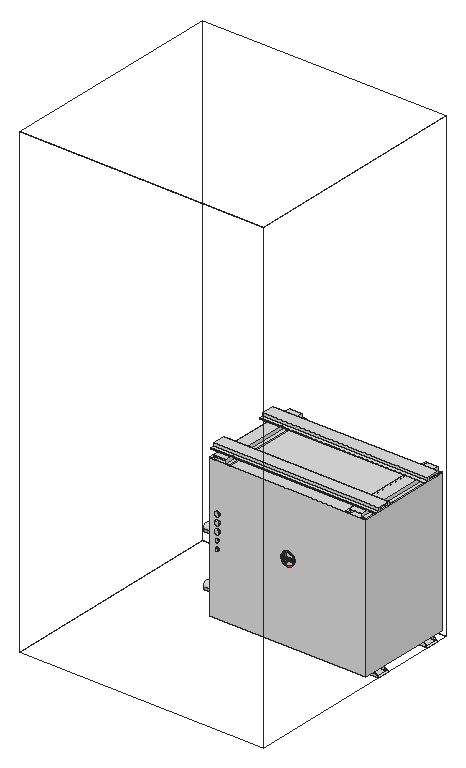
Revit family "HeatPump_WaterToWater_Rheem_16kW_LowGWP", category Mechanical Equipment, Revit 2021
Family settings
  Round Connector Dimension = Use Diameter
  Classification = None
  Part Type = Normal
  OmniClass Number = 23.33.17.00
  OmniClass Title = Heat Pumps
  Work Plane-Based = No
  Always vertical = Yes
  Cut with Voids When Loaded = No
  Shared = No
  Room Calculation Point = No
Parameters (values of type "95501600")
  Voltage = 230 V
  Uniclass2015Version = "v1.33"
  Uniclass2015Title = "Water to water heat pumps"
  Uniclass2015Code = "Pr_70_60_37_98"
  URL = "https://www.rheem.com.au/rheem/"
  Type Comments = "HeatPump - WaterToWater - 16kW - LowGWP"
  RequiredSpace [instance] = yes
  PowerFactor = 1
  ModifiedIssue = 20240801
  Model = "95501600"
  ManufacturerURLProductSpecific = "https://www.rheem.com.au/rheem/products/Commercial/Commercial-Heat-Pumps/Rheem-Commercial-Water-To-Water-Heat-Pumps/YF-Series-Water-to-Water-%28W2W%29-16kW-Commercial-Heat-Pump/p/95501600"
  ManufacturerSpecCode = Model  # "95501600"
  ManufacturerOverallWidth = 1051 mm  # constant formula
  ManufacturerOverallHeight = 972 mm  # constant formula
  ManufacturerOverallDepth = 605 mm  # constant formula
  ManufacturerHeightFromFFL [instance] = 0 mm
  Manufacturer = "Rheem"  # constant formula
  IfcExportType = "USERDEFINED"
  IfcExportAs = "IfcPump"
  Description = "Rheem’s YF Series Commercial heat pump uses 1234yf refrigerant which has an ultra-low Global Warming Potential (GWP) of <1. Delivering hot water up to 65°C and designed to operate in condenser loop systems with a shell and tube heat exchanger to resist fouling whilst producing a Coefficient of Performance (COP) of up to 7 in condenser loops operating at 35°C. All models are designed to be stacked to save space and available with double wall brazed plate stainless steel heat exchangers or  vented copper tube in tube heat exchangers better suited to challenging water chemistries."
  Default Elevation = 0 mm
  CreatedByURL = "https://igsgroup.com.au"
  CreatedBy = "IGS BIM Solutions"  # constant formula
  BodyMaterial = Aluminium_PowderCoat_Rheem_White
  Assembly Code = "D3020"
  ApparentLoad = 17.83 VA
Reference planes
  plane 1 "Center (Front/Back)": y = -50
  plane 2 "Ref. Level": z = 0
  plane 3 "Center (Left/Right)": x = -28.5
  plane 4 "Back": y = 252.5
  plane 5 "Front": y = -352.5
  plane 6 "BodyRight": x = 470
  plane 7 "BodyLeft": x = -527
  plane 8 "TopFrame": z = 972
  plane 9 "PlinthTop": z = 25
  plane 10 "BodyTop": z = 924
  plane 11 "RequiredSpaceLeft": x = -1054
  plane 12 "RequiredSpaceTop": z = 2972
  plane 13 "RequiredSpaceFront": y = -1202.5
  plane 14 "Left": x = -554
  plane 15 "Bottom": z = 0
  plane 16 "Right": x = 497
  plane 17 "Top": z = 972
  plane 18 "Center (Elevation)": z = 486
  plane 19 "LogoCentre": z = 524
Forms (mm)
  Extrusion 1, solid, material "Aluminium_PowderCoat_Rheem_White" <- "BodyMaterial"
    sketch origin (0, 0, 476) x (0, -1, 0) y (1, 0, 0)
      loop
        line (-252.5, -527) -> (352.5, -527) -> (352.5, 470) -> (-252.5, 470) -> (-252.5, -527)
    from -451 to 448
  Extrusion 2, solid, material "RequiredSpace", visible <- "RequiredSpace"
    sketch origin (0, 0, 0) x (0, -1, 0) y (-1, 0, 0)
      loop
        line (-252.5, 1054) -> (-252.5, -497) -> (1202.5, -497) -> (1202.5, 1054) -> (-252.5, 1054)
    from 0 to -2972
  Extrusion 3, solid, material "Aluminium_PowderCoat_Rheem_White", detail levels medium+fine
    sketch origin (-527, 0, 0) x (0, 1, 0) y (0, 0, 1)
      loop
        circle (187.5, 148) r 25
      loop
        circle (187.5, 368) r 25
      loop
        circle (-287.5, 148) r 25
      loop
        circle (-287.5, 478) r 25
    from -71 to 0
  Extrusion 4, solid, material "Aluminium_PowderCoat_Rheem_White"
    sketch origin (-527, -334, 0) x (0, 1, 0) y (0, 0, 1)
      loop
        circle (255.5, 35) r 10
    from -50 to 0
  Extrusion 5, void
    sketch origin (0, -50, 0) x (1, 0, 0) y (0, 0, 1)
      loop
        line (-554, 25) -> (-554, 0) -> (-510.699, 25) -> (-554, 25)
      loop
        line (497, 25) -> (453.699, 25) -> (497, 0) -> (497, 25)
    from 261.5 to -261.5
  Extrusion 6, solid, detail levels medium+fine
    sketch origin (0, -352.5, 0) x (1, 0, 0) y (0, 0, 1)
      loop
        circle (-476, 572.5) r 15
      loop
        circle (-476, 622.5) r 15
      loop
        circle (-476, 522.5) r 15
      loop
        circle (-476, 472.5) r 10
      loop
        circle (-476, 422.5) r 10
    from 0 to 5
  Extrusion 7, solid, material "Aluminium_PowderCoat_Rheem_White" <- "BodyMaterial"
    sketch origin (-28.5, -32, 843) x (0, 1, 0) y (0, 0, 1)
      loop
        line (138.395, 129) -> (138.395, 111) -> (113.395, 111) -> (113.395, 106) -> (143.481, 106) -> (143.481, 124) -> (213.5, 124) -> (213.5, 106) -> (243.5, 106) -> (243.5, 111) -> (218.5, 111) -> (218.5, 129) -> (138.395, 129)
      loop
        line (-179.395, 124) -> (-179.395, 106) -> (-149.395, 106) -> (-149.395, 111) -> (-174.395, 111) -> (-174.395, 129) -> (-254.5, 129) -> (-254.5, 111) -> (-279.5, 111) -> (-279.5, 106) -> (-249.414, 106) -> (-249.414, 124) -> (-179.395, 124)
    from -525.5 to 525.5
  Extrusion 8, solid, material "Aluminium_PowderCoat_Rheem_White" <- "BodyMaterial"
    sketch origin (-28.5, 0, 0) x (0, 1, 0) y (0, 0, 1)
      loop
        line (-181.395, 25) -> (-211.395, 25) -> (-211.395, 5) -> (-281.414, 5) -> (-281.414, 25) -> (-311.5, 25) -> (-311.5, 20) -> (-286.5, 20) -> (-286.5, 0) -> (-206.395, 0) -> (-206.395, 20) -> (-181.395, 20) -> (-181.395, 25)
      loop
        line (211.5, 25) -> (181.5, 25) -> (181.5, 5) -> (111.481, 5) -> (111.481, 25) -> (81.395, 25) -> (81.395, 20) -> (106.395, 20) -> (106.395, 0) -> (186.5, 0) -> (186.5, 20) -> (211.5, 20) -> (211.5, 25)
    from -525.5 to 525.5
  Extrusion 9, solid, material "Aluminium_PowderCoat_Rheem_White" <- "BodyMaterial"
    sketch origin (0, -50, 984) x (1, 0, 0) y (0, 0, 1)
      loop
        line (-421.895, -35) -> (-502, -35) -> (-502, -55) -> (-527, -55) -> (-527, -60) -> (-497, -60) -> (-497, -40) -> (-426.981, -40) -> (-426.981, -60) -> (-396.895, -60) -> (-396.895, -55) -> (-421.895, -55) -> (-421.895, -35)
      loop
        line (364.895, -35) -> (364.895, -55) -> (339.895, -55) -> (339.895, -60) -> (369.981, -60) -> (369.981, -40) -> (440, -40) -> (440, -60) -> (470, -60) -> (470, -55) -> (445, -55) -> (445, -35) -> (364.895, -35)
    from -302.5 to 302.5
Cuts and joins
  Extrusion 5 cuts Extrusion 1
  Extrusion 5 cuts Extrusion 8
Lines and regions (mm)
  Masking region 1
    outline origin (0, 0, 1484) x (0, -1, 0) y (1, 0, 0)
      loop
        line (-252.5, -527) -> (-211.5, -527) -> (-211.5, -554) -> (-81.395, -554) -> (-81.395, -527) -> (181.395, -527) -> (181.395, -554) -> (311.5, -554) -> (311.5, -527) -> (352.5, -527) -> (352.5, 470) -> (311.5, 470) -> (311.5, 497) -> (181.395, 497) -> (181.395, 470) -> (-81.395, 470) -> (-81.395, 497) -> (-211.5, 497) -> (-211.5, 470) -> (-252.5, 470) -> (-252.5, -527)
  symbolic lines, style "Required Space", visible <- "RequiredSpace"
    curve 1: line (-1054, 252.5, 900) -> (497, 252.5, 900)
    curve 2: line (-1054, -1202.5, 900) -> (-1054, 252.5, 900)
    curve 3: line (497, -1202.5, 900) -> (-1054, -1202.5, 900)
    curve 4: line (497, 252.5, 900) -> (497, -1202.5, 900)
  symbolic lines, style "Plant Equipment", detail levels medium+fine
    curve 5: line (-527, 211.5, 924) -> (470, 211.5, 924)
    curve 6: line (-527, 81.395, 924) -> (470, 81.395, 924)
    curve 7: line (470, -181.395, 924) -> (-527, -181.395, 924)
    curve 8: line (-527, -311.5, 924) -> (470, -311.5, 924)
    curve 9: line (385.895, 252.5, 924) -> (385.895, 211.5, 924)
    curve 10: line (385.895, 81.395, 924) -> (385.895, -181.395, 924)
    curve 11: line (385.895, -311.5, 924) -> (385.895, -352.5, 924)
    curve 12: line (-396.895, 252.5, 924) -> (-396.895, 211.5, 924)
    curve 13: line (-396.895, 81.395, 924) -> (-396.895, -181.395, 924)
    curve 14: line (-396.895, -311.5, 924) -> (-396.895, -352.5, 924)
  model lines, style "Plant Equipment", detail levels medium+fine
    curve 15: line (-427, -352.5, 904) -> (-427, -352.5, 644)
    curve 16: line (-427, -352.5, 644) -> (370, -352.5, 644)
    curve 17: line (370, -352.5, 644) -> (370, -352.5, 904)
    curve 18: line (370, -352.5, 904) -> (-427, -352.5, 904)
    curve 19: line (-427, -352.5, 26) -> (-427, -352.5, 634)
    curve 20: line (-427, -352.5, 634) -> (370, -352.5, 634)
    curve 21: line (370, -352.5, 634) -> (370, -352.5, 26)
    curve 22: line (370, -352.5, 26) -> (-427, -352.5, 26)
Text (mm)
  text "Disclaimer:\nDue to ongoing product development and manufacturing \nevolution, product details are subject to change without \nnotice. Please refer to product technical data sheets on \nthe manufacturers website for the most current product \ninformation. Please allow a +/- 5mm manufacturing \ntolerance for dimensions and set-outs shown in product \nliterature." at (985.527, 159.228, 0), in view "Ref. Level"
Dimensions and locks
  "ManufacturerHeightFromFFL": plane 15 "Bottom" to plane 2 "Ref. Level"
  locked: plane 12 "RequiredSpaceTop" to plane 17 "Top" at 2000
  locked: plane 13 "RequiredSpaceFront" to plane 5 "Front" at 850
  locked: plane 11 "RequiredSpaceLeft" to plane 14 "Left" at 500
  "ManufacturerOverallDepth": plane 5 "Front" to plane 4 "Back"
  equal spacing: plane 5 "Front", plane 1 "Center (Front/Back)", plane 4 "Back"
  locked: plane 9 "PlinthTop" to plane 15 "Bottom" at 25
  "ManufacturerOverallHeight": plane 17 "Top" to plane 15 "Bottom"
  equal spacing: plane 17 "Top", plane 18 "Center (Elevation)", plane 15 "Bottom"
  locked: plane 10 "BodyTop" to plane 19 "LogoCentre" at 400
  "ManufacturerOverallWidth": plane 14 "Left" to plane 16 "Right"
  equal spacing: plane 14 "Left", plane 3 "Center (Left/Right)", plane 16 "Right"
  locked: plane 17 "Top" to plane 10 "BodyTop" at 48
  aligned and locked: level to plane 2 "Ref. Level"
  aligned and locked: plane 9 "PlinthTop" to Extrusion 1
  aligned and locked: Extrusion 1 to plane 10 "BodyTop"
  aligned and locked: Extrusion 2 to plane 12 "RequiredSpaceTop"
  aligned and locked: plane 13 "RequiredSpaceFront" to curve 3
  aligned and locked: plane 13 "RequiredSpaceFront" to Extrusion 2 sketch curve
  aligned and locked: Extrusion 2 to plane 4 "Back"
  aligned and locked: Extrusion 1 to plane 7 "BodyLeft"
  aligned and locked: plane 14 "Left" to Extrusion 5 sketch curve
  aligned and locked: Extrusion 1 to plane 4 "Back"
  aligned and locked: plane 5 "Front" to Extrusion 1
  aligned and locked: Extrusion 5 sketch curve to plane 9 "PlinthTop"
  aligned and locked: Extrusion 2 to plane 16 "Right"
  aligned and locked: curve 4 to Extrusion 2
  aligned and locked: plane 15 "Bottom" to Extrusion 2
  aligned and locked: plane 15 "Bottom" to Extrusion 5 sketch curve
  aligned and locked: plane 16 "Right" to Extrusion 7
  aligned and locked: plane 3 "Center (Left/Right)" to nested 1
  aligned and locked: plane 19 "LogoCentre" to nested 1
  aligned and locked: plane 8 "TopFrame" to plane 17 "Top"
Automatic sketch dimensions
  plane 4 "Back" to Extrusion 1 sketch curve = 0 mm
  plane 5 "Front" to Extrusion 1 sketch curve = 0 mm
  Extrusion 1 sketch curve to plane 7 "BodyLeft" = 0 mm
  Extrusion 1 sketch curve to plane 6 "BodyRight" = 0 mm
  plane 4 "Back" to Extrusion 2 sketch curve = 0 mm
  Extrusion 2 sketch curve to plane 11 "RequiredSpaceLeft" = 0 mm
  Extrusion 2 sketch curve to plane 16 "Right" = 0 mm
  plane 4 "Back" to curve 1 = 0 mm
  curve 3 to plane 11 "RequiredSpaceLeft" = 0 mm
  plane 4 "Back" to curve 9 = 0 mm
  plane 4 "Back" to curve 12 = 0 mm
  curve 7 to plane 7 "BodyLeft" = 0 mm
  plane 5 "Front" to curve 11 = 0 mm
  plane 5 "Front" to curve 14 = 0 mm
  plane 1 "Center (Front/Back)" to curve 7 = 131.395 mm
  curve 8 to plane 5 "Front" = 41 mm
  curve 8 to plane 6 "BodyRight" = 0 mm
  curve 6 to plane 6 "BodyRight" = 0 mm
  plane 7 "BodyLeft" to curve 14 = 130.105 mm
  curve 13 to curve 14 = 0 mm
  curve 12 to curve 13 = 0 mm
  curve 11 to plane 16 "Right" = 111.105 mm
  curve 10 to plane 16 "Right" = 111.105 mm
  curve 9 to plane 16 "Right" = 111.105 mm
  Extrusion 3 sketch curve to plane 5 "Front" = 65 mm  (x2)
  plane 18 "Center (Elevation)" to Extrusion 3 sketch curve = 8 mm
  plane 4 "Back" to Extrusion 3 sketch curve = 65 mm  (x2)
  plane 18 "Center (Elevation)" to Extrusion 3 sketch curve = 118 mm
  Extrusion 3 sketch curve to plane 9 "PlinthTop" = 123 mm  (x2)
  Extrusion 4 sketch curve to plane 9 "PlinthTop" = 10 mm
  plane 1 "Center (Front/Back)" to Extrusion 4 sketch curve = 28.5 mm
  plane 4 "Back" to Masking region 1 sketch curve = 0 mm
  Masking region 1 sketch curve to plane 6 "BodyRight" = 0 mm  (x3)
  Masking region 1 sketch curve to plane 7 "BodyLeft" = 0 mm  (x3)
  Masking region 1 sketch curve to plane 14 "Left" = 0 mm  (x2)
  plane 5 "Front" to Masking region 1 sketch curve = 0 mm
  plane 6 "BodyRight" to Masking region 1 sketch curve = 27 mm
  plane 4 "Back" to Masking region 1 sketch curve = 41 mm  (x2)
  Masking region 1 sketch curve to plane 1 "Center (Front/Back)" = 131.395 mm  (x2)
  plane 1 "Center (Front/Back)" to Masking region 1 sketch curve = 131.395 mm  (x2)
  Masking region 1 sketch curve to plane 5 "Front" = 41 mm  (x2)
  Masking region 1 sketch curve to Masking region 1 sketch curve = 27 mm
  plane 7 "BodyLeft" to Extrusion 6 sketch curve = 51 mm  (x2)
  Extrusion 6 sketch curve to Extrusion 6 sketch curve = 0 mm  (x3)
  plane 19 "LogoCentre" to Extrusion 6 sketch curve = 101.5 mm
  plane 19 "LogoCentre" to Extrusion 6 sketch curve = 51.5 mm
  Extrusion 6 sketch curve to Extrusion 6 sketch curve = 50 mm  (x3)
  plane 8 "TopFrame" to Extrusion 7 sketch curve = 0 mm  (x2)
  plane 8 "TopFrame" to Extrusion 7 sketch curve = 18 mm  (x2)
  Extrusion 7 sketch curve to plane 5 "Front" = 41 mm
  Extrusion 7 sketch curve to Extrusion 7 sketch curve = 25 mm  (x4)
  Extrusion 7 sketch curve to Extrusion 7 sketch curve = 5.086 mm  (x2)
  plane 8 "TopFrame" to Extrusion 7 sketch curve = 5 mm  (x2)
  Extrusion 7 sketch curve to Extrusion 7 sketch curve = 70.019 mm  (x2)
  Extrusion 7 sketch curve to Extrusion 7 sketch curve = 5 mm  (x6)
  Extrusion 7 sketch curve to plane 1 "Center (Front/Back)" = 131.395 mm
  plane 8 "TopFrame" to Extrusion 7 sketch curve = 23 mm  (x2)
  plane 9 "PlinthTop" to Extrusion 8 sketch curve = 0 mm  (x4)
  plane 15 "Bottom" to Extrusion 8 sketch curve = 0 mm  (x2)
  plane 9 "PlinthTop" to Extrusion 8 sketch curve = 5 mm  (x3)
  Extrusion 8 sketch curve to plane 5 "Front" = 41 mm
  Extrusion 8 sketch curve to Extrusion 8 sketch curve = 25 mm  (x4)
  Extrusion 8 sketch curve to Extrusion 8 sketch curve = 5.086 mm  (x2)
  Extrusion 8 sketch curve to Extrusion 8 sketch curve = 70.019 mm  (x2)
  Extrusion 8 sketch curve to Extrusion 8 sketch curve = 5 mm  (x3)
  Extrusion 8 sketch curve to plane 1 "Center (Front/Back)" = 131.395 mm
  Extrusion 8 sketch curve to plane 15 "Bottom" = 5 mm  (x2)
  Extrusion 5 sketch curve to plane 9 "PlinthTop" = 0 mm
  Extrusion 5 sketch curve to plane 15 "Bottom" = 0 mm
  Extrusion 5 sketch curve to plane 16 "Right" = 0 mm
  plane 7 "BodyLeft" to Extrusion 5 sketch curve = 16.301 mm
  Extrusion 5 sketch curve to plane 6 "BodyRight" = 16.301 mm
  Extrusion 9 sketch curve to plane 7 "BodyLeft" = 0 mm
  Extrusion 9 sketch curve to plane 10 "BodyTop" = 0 mm  (x4)
  Extrusion 9 sketch curve to plane 6 "BodyRight" = 0 mm
  plane 7 "BodyLeft" to Extrusion 9 sketch curve = 25 mm
  Extrusion 9 sketch curve to Extrusion 9 sketch curve = 5 mm  (x4)
  Extrusion 9 sketch curve to Extrusion 9 sketch curve = 70.019 mm
  Extrusion 9 sketch curve to Extrusion 9 sketch curve = 5.086 mm  (x2)
  Extrusion 9 sketch curve to Extrusion 9 sketch curve = 25 mm  (x2)
  Extrusion 9 sketch curve to plane 6 "BodyRight" = 130.105 mm
  Extrusion 9 sketch curve to plane 6 "BodyRight" = 30 mm
  Extrusion 9 sketch curve to plane 10 "BodyTop" = 5 mm  (x4)
  Extrusion 9 sketch curve to Extrusion 9 sketch curve = 15 mm  (x2)
  curve 5 to plane 6 "BodyRight" = 0 mm
  curve 7 to plane 6 "BodyRight" = 0 mm
  curve 8 to plane 7 "BodyLeft" = 0 mm
  curve 5 to plane 7 "BodyLeft" = 0 mm
  curve 6 to plane 7 "BodyLeft" = 0 mm
  plane 4 "Back" to curve 5 = 41 mm
  curve 6 to plane 1 "Center (Front/Back)" = 131.395 mm
  plane 7 "BodyLeft" to curve 15 = 100 mm
  plane 10 "BodyTop" to curve 17 = 20 mm
  curve 17 to plane 6 "BodyRight" = 100 mm
  curve 17 to plane 19 "LogoCentre" = 120 mm
  curve 15 to curve 20 = 0 mm
  curve 16 to curve 20 = 0 mm
  curve 20 to curve 15 = 10 mm
  curve 22 to plane 9 "PlinthTop" = 1 mm
  radius of Extrusion 3 sketch curve = 25 mm  (x4)
  radius of Extrusion 4 sketch curve = 10 mm
  radius of Extrusion 6 sketch curve = 15 mm  (x3)
  radius of Extrusion 6 sketch curve = 10 mm  (x2)
Nested families
  nested 1: "z_Rheem_Logo" at (-28.5, -352.5, 524) x (1, 0, 0) z (0, -1, 0), type "Type 1", detail levels medium+fine
Connectors
  piping at (-598, 187.5, 148), diameter 41
    settings: on Extrusion 3, index 1, connector inside diameter 609.6 mm, connector length 0 mm, flow factor 0, pipe flow 0.0 L/s, pressure drop 0.0 Pa, fitting loss kfactor 0, connector angle 0.00°, fixture units 0, engagement length 0 mm, angle of deflection 0.00°, flow configuration 1, flow direction 2, fitting loss method 0, system type 20, joint type 0, gender type 0, connector reference index -1, connector utility 0, adjustable connector no, is connector primary no, connector description "Cold Water Supply"
  piping at (-577, -78.5, 35), diameter 20
    settings: on Extrusion 4, index 2, connector inside diameter 609.6 mm, connector length 0 mm, flow factor 0, pipe flow 0.0 L/s, pressure drop 0.0 Pa, fitting loss kfactor 0, connector angle 0.00°, fixture units 0, engagement length 0 mm, angle of deflection 0.00°, flow configuration 1, flow direction 2, fitting loss method 0, system type 16, joint type 0, gender type 0, connector reference index -1, connector utility 0, adjustable connector no, is connector primary no, connector description ""
  piping at (-598, 187.5, 368), diameter 41
    settings: on Extrusion 3, index 3, connector inside diameter 609.6 mm, connector length 0 mm, flow factor 0, pipe flow 0.0 L/s, pressure drop 0.0 Pa, fitting loss kfactor 0, connector angle 0.00°, fixture units 0, engagement length 0 mm, angle of deflection 0.00°, flow configuration 1, flow direction 1, fitting loss method 0, system type 20, joint type 0, gender type 0, connector reference index -1, connector utility 0, adjustable connector no, is connector primary yes, connector description "Cold Water Supply"
  piping at (-598, -287.5, 478), diameter 41
    settings: on Extrusion 3, index 12, connector inside diameter 609.6 mm, connector length 0 mm, flow factor 0, pipe flow 0.0 L/s, pressure drop 0.0 Pa, fitting loss kfactor 0, connector angle 0.00°, fixture units 0, engagement length 0 mm, angle of deflection 0.00°, flow configuration 1, flow direction 2, fitting loss method 0, system type 19, joint type 0, gender type 0, connector reference index -1, connector utility 0, adjustable connector no, is connector primary no, connector description "Hot Water Supply"
  piping at (-598, -287.5, 148), diameter 41
    settings: on Extrusion 3, index 13, connector inside diameter 609.6 mm, connector length 0 mm, flow factor 0, pipe flow 0.0 L/s, pressure drop 0.0 Pa, fitting loss kfactor 0, connector angle 0.00°, fixture units 0, engagement length 0 mm, angle of deflection 0.00°, flow configuration 1, flow direction 1, fitting loss method 0, system type 19, joint type 0, gender type 0, connector reference index -1, connector utility 0, adjustable connector no, is connector primary no, connector description "Hot Water Supply"
  electrical at (-476, -357.5, 422.5), driven by "Voltage", driven by "ApparentLoad", driven by "PowerFactor"
    settings: on Extrusion 6, index 14, voltage 230 V, apparent load 17.83 VA, apparent load phase1 0 VA, apparent load phase2 0 VA, apparent load phase3 0 VA, power factor 1, load classification "Other", number of poles 1, system type 30, power factor state 1, is connector primary yes, connector utility no, sub classification motor no, connector description ""
  electrical at (-476, -357.5, 472.5), driven by "Voltage", driven by "ApparentLoad", driven by "PowerFactor"
    settings: on Extrusion 6, index 15, voltage 230 V, apparent load 17.83 VA, apparent load phase1 0 VA, apparent load phase2 0 VA, apparent load phase3 0 VA, power factor 1, load classification "Other", number of poles 1, system type 30, power factor state 1, is connector primary no, connector utility no, sub classification motor no, connector description ""
  electrical at (-476, -357.5, 522.5), driven by "Voltage", driven by "ApparentLoad", driven by "PowerFactor"
    settings: on Extrusion 6, index 16, voltage 230 V, apparent load 17.83 VA, apparent load phase1 0 VA, apparent load phase2 0 VA, apparent load phase3 0 VA, power factor 1, load classification "Other", number of poles 1, system type 30, power factor state 1, is connector primary no, connector utility no, sub classification motor no, connector description ""
  electrical at (-476, -357.5, 572.5), driven by "Voltage", driven by "ApparentLoad", driven by "PowerFactor"
    settings: on Extrusion 6, index 17, voltage 230 V, apparent load 17.83 VA, apparent load phase1 0 VA, apparent load phase2 0 VA, apparent load phase3 0 VA, power factor 1, load classification "Other", number of poles 1, system type 30, power factor state 1, is connector primary no, connector utility no, sub classification motor no, connector description ""
  electrical at (-476, -357.5, 622.5), driven by "Voltage", driven by "ApparentLoad", driven by "PowerFactor"
    settings: on Extrusion 6, index 18, voltage 230 V, apparent load 17.83 VA, apparent load phase1 0 VA, apparent load phase2 0 VA, apparent load phase3 0 VA, power factor 1, load classification "Other", number of poles 1, system type 30, power factor state 1, is connector primary no, connector utility no, sub classification motor no, connector description ""
Definition of nested family "z_Rheem_Logo"
  Parameters (values of type "Type 1")
    Uniclass2015Version = ""
    Uniclass2015Title = ""
    Uniclass2015Code = ""
    ModifiedIssue = 0
    Material = none
    ManufacturerURLProductSpecific = ""
    ManufacturerSpecCode = ""
    ManufacturerOverallWidth = 86 mm
    ManufacturerOverallLength = 86 mm
    ManufacturerOverallHeight = 1 mm
    ManufacturerHeightFromFFL = 0 mm
    IfcExportType = ""
    IfcExportAs = ""
    Default Elevation = 1219.2 mm
    CreatedByURL = "https://igsgroup.com.au"
    CreatedBy = "IGS BIM Solutions"  # constant formula
  Reference planes
    plane 1 "Center (Front/Back)": y = 0
    plane 2: z = 0
    plane 3 "Center (Left/Right)": x = 0
    plane 4 "Left": x = -43
    plane 5 "Right": x = 43
    plane 6 "Back": y = 43
    plane 7 "Front": y = -43
    plane 8 "Bottom": z = 0
    plane 9 "Center (Elevation)": z = 0.5
    plane 10 "Top": z = 1
  Forms (mm)
    Extrusion 1, solid
      sketch origin (0, 0, 0) x (1, 0, 0) y (0, 1, 0)
        loop
          line (-1219.2, 1219.2) -> (-1219.2, -1219.2) -> (1219.2, -1219.2) -> (1219.2, 1219.2) -> (-1219.2, 1219.2)
      from 0 to -304.8
    Extrusion 2, solid, material <- "Material", detail levels medium+fine
      sketch origin (0, 0, 0) x (-1, 0, 0) y (0, -1, 0)
        loop
          circle (0, 0) r 43
        loop
          arc (33.529, 21.813) -> (-38.36, 11.338) -> (16.283, -36.536) r 40
          line (16.283, -36.536) -> (16.283, -5.397)
          arc (16.283, -5.397) -> (14.75, -6.901) -> (12.662, -7.405) r 4.033
          arc (12.662, -7.405) -> (9.852, -6.403) -> (8.561, -3.712) r 3.918
          line (8.561, -3.712) -> (8.561, 8.033) -> (11.525, 8.033) -> (11.525, -1.806)
          arc (11.525, -1.806) -> (12.858, -4.057) -> (15.428, -3.572) r 2.279
          arc (15.428, -3.572) -> (15.988, -2.759) -> (16.246, -1.806) r 2.925
          line (16.246, -1.806) -> (16.246, 8.079) -> (19.645, 8.079) -> (19.645, -34.843)
          arc (19.645, -34.843) -> (26.644, -29.834) -> (32.41, -23.444) r 40
          arc (32.41, -23.444) -> (21.103, -13.87) -> (28.782, -1.2) r 11.411
          line (28.782, -1.2) -> (7.321, 24.919) -> (11.462, 24.919) -> (31.83, 0.131) -> (31.83, 21.813) -> (33.529, 21.813)
        loop
          line (35.017, 19.335) -> (35.017, -19.335)
          arc (35.017, -19.335) -> (40, 0) -> (35.017, 19.335) r 40
        loop
          line (-19.37, 8.097) -> (-22.563, 8.097) -> (-22.563, -2.258)
          spline (-22.563, -2.258) -> (-22.878, -3.103) -> (-23.24, -3.526) -> (-23.639, -3.818) -> (-24.082, -3.997) -> (-24.556, -4.074) -> (-25.034, -4.068) -> (-25.491, -3.983) -> (-25.903, -3.817) -> (-26.238, -3.56) -> (-26.492, -3.191) -> (-26.717, -2.639) -> (-26.9, -1.6)
          line (-26.9, -1.6) -> (-26.9, 8.097) -> (-29.854, 8.097) -> (-29.854, -2.258)
          spline (-29.854, -2.258) -> (-30.181, -3.064) -> (-30.553, -3.474) -> (-30.969, -3.74) -> (-31.419, -3.936) -> (-31.889, -4.059) -> (-32.364, -4.078) -> (-32.821, -3.995) -> (-33.233, -3.826) -> (-33.568, -3.567) -> (-33.822, -3.195) -> (-34.048, -2.639) -> (-34.231, -1.594)
          line (-34.231, -1.594) -> (-34.231, 8.097) -> (-37.174, 8.097) -> (-37.174, -3.718)
          spline (-37.174, -3.718) -> (-36.65, -5.383) -> (-35.957, -6.159) -> (-35.415, -6.563) -> (-34.941, -6.826) -> (-34.394, -7.032) -> (-33.695, -7.17) -> (-32.91, -7.2) -> (-32.152, -7.119) -> (-31.53, -6.952) -> (-31.006, -6.67) -> (-30.429, -6.179) -> (-29.566, -5.166)
          spline (-29.566, -5.166) -> (-28.777, -6.078) -> (-28.276, -6.494) -> (-27.782, -6.788) -> (-27.231, -7.014) -> (-26.621, -7.177) -> (-26.085, -7.261) -> (-25.622, -7.26) -> (-25.015, -7.185) -> (-24.376, -7.012) -> (-23.849, -6.722) -> (-23.308, -6.304) -> (-22.552, -5.275)
          line (-22.552, -5.275) -> (-22.552, -6.926) -> (-19.37, -6.926) -> (-19.37, 8.097)
        loop
          line (4.051, -1.414) -> (-2.029, -1.414)
          spline (-2.029, -1.414) -> (-1.473, -2.786) -> (-1.087, -3.377) -> (-0.673, -3.834) -> (-0.205, -4.224) -> (0.271, -4.485) -> (0.868, -4.588) -> (1.527, -4.548) -> (2.06, -4.356) -> (2.438, -4.033) -> (2.865, -3.608) -> (3.384, -2.906) -> (4.051, -1.414)
        loop
          line (4.095, 1.507) -> (-5.029, 1.507)
          spline (-5.029, 1.507) -> (-4.769, -1.886) -> (-4.1, -3.692) -> (-3.083, -5.302) -> (-1.664, -6.502) -> (0.127, -7.316) -> (1.72, -7.317) -> (3.497, -6.614) -> (4.898, -5.44) -> (6.016, -3.817) -> (6.693, -1.944) -> (6.954, -0.058) -> (6.657, 3.194)
          spline (6.657, 3.194) -> (5.711, 5.424) -> (4.777, 6.63) -> (3.808, 7.465) -> (2.878, 7.994) -> (1.873, 8.306) -> (0.773, 8.411) -> (-0.288, 8.278) -> (-1.264, 7.907) -> (-2.23, 7.346) -> (-3.148, 6.594) -> (-4.02, 5.578) -> (-4.876, 3.596)
          line (-4.876, 3.596) -> (-1.705, 3.596)
          spline (-1.705, 3.596) -> (-0.883, 4.78) -> (-0.307, 5.189) -> (0.248, 5.429) -> (0.802, 5.54) -> (1.305, 5.525) -> (1.909, 5.294) -> (2.514, 4.923) -> (2.921, 4.547) -> (3.253, 4.098) -> (3.591, 3.486) -> (3.885, 2.641) -> (4.095, 1.507)
        loop
          line (-8.984, -1.152) -> (-15.064, -1.152)
          spline (-15.064, -1.152) -> (-14.509, -2.524) -> (-14.123, -3.116) -> (-13.708, -3.573) -> (-13.241, -3.962) -> (-12.764, -4.224) -> (-12.168, -4.327) -> (-11.508, -4.287) -> (-10.975, -4.095) -> (-10.598, -3.771) -> (-10.171, -3.347) -> (-9.652, -2.645) -> (-8.984, -1.152)
        loop
          line (-8.973, 1.54) -> (-18.097, 1.54)
          spline (-18.097, 1.54) -> (-17.837, -1.853) -> (-17.168, -3.659) -> (-16.151, -5.269) -> (-14.732, -6.469) -> (-12.941, -7.283) -> (-11.348, -7.285) -> (-9.571, -6.581) -> (-8.17, -5.407) -> (-7.052, -3.785) -> (-6.375, -1.911) -> (-6.114, -0.026) -> (-6.412, 3.226)
          spline (-6.412, 3.226) -> (-7.357, 5.456) -> (-8.291, 6.663) -> (-9.26, 7.498) -> (-10.191, 8.027) -> (-11.195, 8.339) -> (-12.295, 8.444) -> (-13.356, 8.311) -> (-14.332, 7.939) -> (-15.298, 7.379) -> (-16.217, 6.626) -> (-17.088, 5.61) -> (-17.944, 3.629)
          line (-17.944, 3.629) -> (-14.773, 3.629)
          spline (-14.773, 3.629) -> (-13.951, 4.813) -> (-13.375, 5.222) -> (-12.82, 5.462) -> (-12.266, 5.573) -> (-11.763, 5.557) -> (-11.159, 5.326) -> (-10.555, 4.955) -> (-10.147, 4.58) -> (-9.816, 4.131) -> (-9.477, 3.519) -> (-9.183, 2.673) -> (-8.973, 1.54)
        loop
          arc (31.817, -3.841) -> (24.154, -12.033) -> (31.817, -20.226) r 8.211
          line (31.817, -20.226) -> (31.817, -3.841)
      from 0 to 1
  Lines and regions (mm)
    Masking region 1
      outline origin (0, 0, 0) x (-1, 0, 0) y (0, -1, 0)
        loop
          circle (0, 0) r 43
        loop
          arc (33.529, 21.813) -> (-38.36, 11.338) -> (16.283, -36.536) r 40
          line (16.283, -36.536) -> (16.283, -5.397)
          arc (16.283, -5.397) -> (14.75, -6.901) -> (12.662, -7.405) r 4.033
          arc (12.662, -7.405) -> (9.852, -6.403) -> (8.561, -3.712) r 3.918
          line (8.561, -3.712) -> (8.561, 8.033) -> (11.525, 8.033) -> (11.525, -1.806)
          arc (11.525, -1.806) -> (12.858, -4.057) -> (15.428, -3.572) r 2.279
          arc (15.428, -3.572) -> (15.988, -2.759) -> (16.246, -1.806) r 2.925
          line (16.246, -1.806) -> (16.246, 8.079) -> (19.645, 8.079) -> (19.645, -34.843)
          arc (19.645, -34.843) -> (26.644, -29.834) -> (32.41, -23.444) r 40
          arc (32.41, -23.444) -> (21.103, -13.87) -> (28.782, -1.2) r 11.411
          line (28.782, -1.2) -> (7.321, 24.919) -> (11.462, 24.919) -> (31.83, 0.131) -> (31.83, 21.813) -> (33.529, 21.813)
        loop
          line (35.017, 19.335) -> (35.017, -19.335)
          arc (35.017, -19.335) -> (40, 0) -> (35.017, 19.335) r 40
        loop
          line (-19.37, 8.097) -> (-22.563, 8.097) -> (-22.563, -2.258)
          spline (-22.563, -2.258) -> (-22.878, -3.103) -> (-23.24, -3.526) -> (-23.639, -3.818) -> (-24.082, -3.997) -> (-24.556, -4.074) -> (-25.034, -4.068) -> (-25.491, -3.983) -> (-25.903, -3.817) -> (-26.238, -3.56) -> (-26.492, -3.191) -> (-26.717, -2.639) -> (-26.9, -1.6)
          line (-26.9, -1.6) -> (-26.9, 8.097) -> (-29.854, 8.097) -> (-29.854, -2.258)
          spline (-29.854, -2.258) -> (-30.181, -3.064) -> (-30.553, -3.474) -> (-30.969, -3.74) -> (-31.419, -3.936) -> (-31.889, -4.059) -> (-32.364, -4.078) -> (-32.821, -3.995) -> (-33.233, -3.826) -> (-33.568, -3.567) -> (-33.822, -3.195) -> (-34.048, -2.639) -> (-34.231, -1.594)
          line (-34.231, -1.594) -> (-34.231, 8.097) -> (-37.174, 8.097) -> (-37.174, -3.718)
          spline (-37.174, -3.718) -> (-36.65, -5.383) -> (-35.957, -6.159) -> (-35.415, -6.563) -> (-34.941, -6.826) -> (-34.394, -7.032) -> (-33.695, -7.17) -> (-32.91, -7.2) -> (-32.152, -7.119) -> (-31.53, -6.952) -> (-31.006, -6.67) -> (-30.429, -6.179) -> (-29.566, -5.166)
          spline (-29.566, -5.166) -> (-28.777, -6.078) -> (-28.276, -6.494) -> (-27.782, -6.788) -> (-27.231, -7.014) -> (-26.621, -7.177) -> (-26.085, -7.261) -> (-25.622, -7.26) -> (-25.015, -7.185) -> (-24.376, -7.012) -> (-23.849, -6.722) -> (-23.308, -6.304) -> (-22.552, -5.275)
          line (-22.552, -5.275) -> (-22.552, -6.926) -> (-19.37, -6.926) -> (-19.37, 8.097)
        loop
          line (4.051, -1.414) -> (-2.029, -1.414)
          spline (-2.029, -1.414) -> (-1.473, -2.786) -> (-1.087, -3.377) -> (-0.673, -3.834) -> (-0.205, -4.224) -> (0.271, -4.485) -> (0.868, -4.588) -> (1.527, -4.548) -> (2.06, -4.356) -> (2.438, -4.033) -> (2.865, -3.608) -> (3.384, -2.906) -> (4.051, -1.414)
        loop
          line (4.095, 1.507) -> (-5.029, 1.507)
          spline (-5.029, 1.507) -> (-4.769, -1.886) -> (-4.1, -3.692) -> (-3.083, -5.302) -> (-1.664, -6.502) -> (0.127, -7.316) -> (1.72, -7.317) -> (3.497, -6.614) -> (4.898, -5.44) -> (6.016, -3.817) -> (6.693, -1.944) -> (6.954, -0.058) -> (6.657, 3.194)
          spline (6.657, 3.194) -> (5.711, 5.424) -> (4.777, 6.63) -> (3.808, 7.465) -> (2.878, 7.994) -> (1.873, 8.306) -> (0.773, 8.411) -> (-0.288, 8.278) -> (-1.264, 7.907) -> (-2.23, 7.346) -> (-3.148, 6.594) -> (-4.02, 5.578) -> (-4.876, 3.596)
          line (-4.876, 3.596) -> (-1.705, 3.596)
          spline (-1.705, 3.596) -> (-0.883, 4.78) -> (-0.307, 5.189) -> (0.248, 5.429) -> (0.802, 5.54) -> (1.305, 5.525) -> (1.909, 5.294) -> (2.514, 4.923) -> (2.921, 4.547) -> (3.253, 4.098) -> (3.591, 3.486) -> (3.885, 2.641) -> (4.095, 1.507)
        loop
          line (-8.984, -1.152) -> (-15.064, -1.152)
          spline (-15.064, -1.152) -> (-14.509, -2.524) -> (-14.123, -3.116) -> (-13.708, -3.573) -> (-13.241, -3.962) -> (-12.764, -4.224) -> (-12.168, -4.327) -> (-11.508, -4.287) -> (-10.975, -4.095) -> (-10.598, -3.771) -> (-10.171, -3.347) -> (-9.652, -2.645) -> (-8.984, -1.152)
        loop
          line (-8.973, 1.54) -> (-18.097, 1.54)
          spline (-18.097, 1.54) -> (-17.837, -1.853) -> (-17.168, -3.659) -> (-16.151, -5.269) -> (-14.732, -6.469) -> (-12.941, -7.283) -> (-11.348, -7.285) -> (-9.571, -6.581) -> (-8.17, -5.407) -> (-7.052, -3.785) -> (-6.375, -1.911) -> (-6.114, -0.026) -> (-6.412, 3.226)
          spline (-6.412, 3.226) -> (-7.357, 5.456) -> (-8.291, 6.663) -> (-9.26, 7.498) -> (-10.191, 8.027) -> (-11.195, 8.339) -> (-12.295, 8.444) -> (-13.356, 8.311) -> (-14.332, 7.939) -> (-15.298, 7.379) -> (-16.217, 6.626) -> (-17.088, 5.61) -> (-17.944, 3.629)
          line (-17.944, 3.629) -> (-14.773, 3.629)
          spline (-14.773, 3.629) -> (-13.951, 4.813) -> (-13.375, 5.222) -> (-12.82, 5.462) -> (-12.266, 5.573) -> (-11.763, 5.557) -> (-11.159, 5.326) -> (-10.555, 4.955) -> (-10.147, 4.58) -> (-9.816, 4.131) -> (-9.477, 3.519) -> (-9.183, 2.673) -> (-8.973, 1.54)
        loop
          arc (31.817, -3.841) -> (24.154, -12.033) -> (31.817, -20.226) r 8.211
          line (31.817, -20.226) -> (31.817, -3.841)
  Dimensions and locks
    "ManufacturerOverallHeight": plane 10 "Top" to plane 8 "Bottom"
    equal spacing: plane 10 "Top", plane 9 "Center (Elevation)", plane 8 "Bottom"
    "ManufacturerHeightFromFFL": plane 8 "Bottom" to plane 2
    "ManufacturerOverallLength": plane 4 "Left" to plane 5 "Right"
    equal spacing: plane 4 "Left", plane 3 "Center (Left/Right)", plane 5 "Right"
    "ManufacturerOverallWidth": plane 7 "Front" to plane 6 "Back"
    equal spacing: plane 7 "Front", plane 1 "Center (Front/Back)", plane 6 "Back"
    aligned and locked: plane 2 to Extrusion 1
    aligned and locked: level to Extrusion 1
    aligned and locked: plane 10 "Top" to Extrusion 2
  Automatic sketch dimensions
    Extrusion 1 sketch curve to Extrusion 1 sketch curve = 2438.4 mm  (x2)
    plane 1 "Center (Front/Back)" to Extrusion 2 sketch curve = 0 mm
    Extrusion 2 sketch curve to plane 3 "Center (Left/Right)" = 0 mm
    Extrusion 2 sketch curve to Extrusion 2 sketch curve = 0 mm  (x9)
    plane 3 "Center (Left/Right)" to Extrusion 2 sketch curve = 1.705 mm
    plane 3 "Center (Left/Right)" to Extrusion 2 sketch curve = 2.029 mm
    Extrusion 2 sketch curve to Extrusion 2 sketch curve = 3.171 mm  (x2)
    plane 1 "Center (Front/Back)" to Extrusion 2 sketch curve = 1.507 mm
    Extrusion 2 sketch curve to Extrusion 2 sketch curve = 0.154 mm  (x2)
    Extrusion 2 sketch curve to Extrusion 2 sketch curve = 1.536 mm
    plane 1 "Center (Front/Back)" to Extrusion 2 sketch curve = 1.54 mm
    Extrusion 2 sketch curve to Extrusion 2 sketch curve = 2.561 mm  (x2)
    Extrusion 2 sketch curve to plane 1 "Center (Front/Back)" = 1.152 mm
    Extrusion 2 sketch curve to Extrusion 2 sketch curve = 0.012 mm
    plane 1 "Center (Front/Back)" to Extrusion 2 sketch curve = 3.629 mm
    Extrusion 2 sketch curve to Extrusion 2 sketch curve = 5.8 mm
    Extrusion 2 sketch curve to Extrusion 2 sketch curve = 0.291 mm
    Extrusion 2 sketch curve to Extrusion 2 sketch curve = 4.306 mm
    Extrusion 2 sketch curve to plane 1 "Center (Front/Back)" = 5.275 mm
    Extrusion 2 sketch curve to Extrusion 2 sketch curve = 3.182 mm
    Extrusion 2 sketch curve to Extrusion 2 sketch curve = 0.011 mm
    Extrusion 2 sketch curve to plane 1 "Center (Front/Back)" = 1.6 mm
    Extrusion 2 sketch curve to Extrusion 2 sketch curve = 4.336 mm
    Extrusion 2 sketch curve to plane 1 "Center (Front/Back)" = 5.166 mm
    Extrusion 2 sketch curve to Extrusion 2 sketch curve = 2.666 mm
    Extrusion 2 sketch curve to plane 1 "Center (Front/Back)" = 2.258 mm  (x2)
    Extrusion 2 sketch curve to Extrusion 2 sketch curve = 0.289 mm
    Extrusion 2 sketch curve to Extrusion 2 sketch curve = 4.377 mm
    Extrusion 2 sketch curve to Extrusion 2 sketch curve = 2.943 mm
    Extrusion 2 sketch curve to plane 1 "Center (Front/Back)" = 1.414 mm
    Extrusion 2 sketch curve to plane 3 "Center (Left/Right)" = 4.051 mm
    Extrusion 2 sketch curve to Extrusion 2 sketch curve = 0.044 mm
    plane 1 "Center (Front/Back)" to Extrusion 2 sketch curve = 3.194 mm
    Extrusion 2 sketch curve to plane 3 "Center (Left/Right)" = 7.321 mm
    Extrusion 2 sketch curve to Extrusion 2 sketch curve = 4.51 mm
    Extrusion 2 sketch curve to Extrusion 2 sketch curve = 4.142 mm
    Extrusion 2 sketch curve to Extrusion 2 sketch curve = 2.964 mm
    Extrusion 2 sketch curve to Extrusion 2 sketch curve = 0.948 mm
    Extrusion 2 sketch curve to Extrusion 2 sketch curve = 0.321 mm
    Extrusion 2 sketch curve to Extrusion 2 sketch curve = 1.809 mm
    Extrusion 2 sketch curve to Extrusion 2 sketch curve = 0.463 mm
    Extrusion 2 sketch curve to Extrusion 2 sketch curve = 4.721 mm
    plane 6 "Back" to Extrusion 2 sketch curve = 6.464 mm
    Extrusion 2 sketch curve to plane 3 "Center (Left/Right)" = 16.283 mm
    Extrusion 2 sketch curve to Extrusion 2 sketch curve = 3.399 mm
    Extrusion 2 sketch curve to plane 1 "Center (Front/Back)" = 1.2 mm
    Extrusion 2 sketch curve to Extrusion 2 sketch curve = 12.536 mm
    plane 4 "Left" to Extrusion 2 sketch curve = 11.183 mm
    plane 4 "Left" to Extrusion 2 sketch curve = 11.17 mm
    Extrusion 2 sketch curve to Extrusion 2 sketch curve = 0.548 mm
    Extrusion 2 sketch curve to Extrusion 2 sketch curve = 1.699 mm
    Extrusion 2 sketch curve to Extrusion 2 sketch curve = 1.488 mm
    Extrusion 2 sketch curve to Extrusion 2 sketch curve = 1.692 mm
    Extrusion 2 sketch curve to Extrusion 2 sketch curve = 14.618 mm
    Extrusion 2 sketch curve to Extrusion 2 sketch curve = 0.891 mm
    Extrusion 2 sketch curve to Extrusion 2 sketch curve = 7.301 mm
    Extrusion 2 sketch curve to Extrusion 2 sketch curve = 1.651 mm
    Extrusion 2 sketch curve to plane 1 "Center (Front/Back)" = 5.397 mm
    Extrusion 2 sketch curve to plane 1 "Center (Front/Back)" = 3.718 mm
    Extrusion 2 sketch curve to plane 1 "Center (Front/Back)" = 3.712 mm
    Extrusion 2 sketch curve to plane 1 "Center (Front/Back)" = 3.491 mm
    Extrusion 2 sketch curve to Extrusion 2 sketch curve = 0.117 mm
    Extrusion 2 sketch curve to Extrusion 2 sketch curve = 1.392 mm
    Extrusion 2 sketch curve to plane 1 "Center (Front/Back)" = 1.806 mm  (x2)
    Extrusion 2 sketch curve to plane 1 "Center (Front/Back)" = 1.594 mm
    Extrusion 2 sketch curve to Extrusion 2 sketch curve = 0.451 mm
    plane 1 "Center (Front/Back)" to Extrusion 2 sketch curve = 0.131 mm
    Extrusion 2 sketch curve to Extrusion 2 sketch curve = 1.719 mm
    Extrusion 2 sketch curve to Extrusion 2 sketch curve = 0.37 mm
    Extrusion 2 sketch curve to Extrusion 2 sketch curve = 4.839 mm
    plane 1 "Center (Front/Back)" to Extrusion 2 sketch curve = 8.079 mm
    plane 1 "Center (Front/Back)" to Extrusion 2 sketch curve = 8.097 mm
    Extrusion 2 sketch curve to Extrusion 2 sketch curve = 4.468 mm
    Extrusion 2 sketch curve to Extrusion 2 sketch curve = 16.886 mm
    Masking region 1 sketch curve to Masking region 1 sketch curve = 0 mm  (x15)
    plane 1 "Center (Front/Back)" to Masking region 1 sketch curve = 0 mm
    Masking region 1 sketch curve to plane 3 "Center (Left/Right)" = 0 mm
    plane 3 "Center (Left/Right)" to Masking region 1 sketch curve = 1.705 mm
    plane 3 "Center (Left/Right)" to Masking region 1 sketch curve = 2.029 mm
    Masking region 1 sketch curve to Masking region 1 sketch curve = 3.171 mm  (x2)
    plane 1 "Center (Front/Back)" to Masking region 1 sketch curve = 1.507 mm
    Masking region 1 sketch curve to Masking region 1 sketch curve = 0.154 mm  (x2)
    Masking region 1 sketch curve to Masking region 1 sketch curve = 1.536 mm
    plane 1 "Center (Front/Back)" to Masking region 1 sketch curve = 1.54 mm
    Masking region 1 sketch curve to Masking region 1 sketch curve = 2.561 mm  (x2)
    Masking region 1 sketch curve to plane 1 "Center (Front/Back)" = 1.152 mm
    Masking region 1 sketch curve to Masking region 1 sketch curve = 0.012 mm
    plane 1 "Center (Front/Back)" to Masking region 1 sketch curve = 3.629 mm
    Masking region 1 sketch curve to Masking region 1 sketch curve = 5.8 mm
    Masking region 1 sketch curve to Masking region 1 sketch curve = 0.291 mm
    Masking region 1 sketch curve to Masking region 1 sketch curve = 4.306 mm
    Masking region 1 sketch curve to plane 1 "Center (Front/Back)" = 5.275 mm
    Masking region 1 sketch curve to Masking region 1 sketch curve = 3.182 mm
    Masking region 1 sketch curve to Masking region 1 sketch curve = 0.011 mm
    Masking region 1 sketch curve to plane 1 "Center (Front/Back)" = 1.6 mm
    Masking region 1 sketch curve to Masking region 1 sketch curve = 4.336 mm
    Masking region 1 sketch curve to plane 1 "Center (Front/Back)" = 5.166 mm
    Masking region 1 sketch curve to Masking region 1 sketch curve = 2.666 mm
    Masking region 1 sketch curve to plane 1 "Center (Front/Back)" = 2.258 mm  (x2)
    Masking region 1 sketch curve to Masking region 1 sketch curve = 0.289 mm
    Masking region 1 sketch curve to Masking region 1 sketch curve = 4.377 mm
    Masking region 1 sketch curve to Masking region 1 sketch curve = 2.943 mm
    Masking region 1 sketch curve to plane 1 "Center (Front/Back)" = 1.414 mm
    Masking region 1 sketch curve to plane 3 "Center (Left/Right)" = 4.051 mm
    Masking region 1 sketch curve to Masking region 1 sketch curve = 0.044 mm
    plane 1 "Center (Front/Back)" to Masking region 1 sketch curve = 3.194 mm
    Masking region 1 sketch curve to plane 3 "Center (Left/Right)" = 7.321 mm
    Masking region 1 sketch curve to Masking region 1 sketch curve = 4.51 mm
    Masking region 1 sketch curve to Masking region 1 sketch curve = 4.142 mm
    Masking region 1 sketch curve to Masking region 1 sketch curve = 2.964 mm
    Masking region 1 sketch curve to Masking region 1 sketch curve = 0.948 mm
    Masking region 1 sketch curve to Masking region 1 sketch curve = 0.321 mm
    Masking region 1 sketch curve to Masking region 1 sketch curve = 1.809 mm
    Masking region 1 sketch curve to Masking region 1 sketch curve = 0.463 mm
    Masking region 1 sketch curve to Masking region 1 sketch curve = 4.721 mm
    plane 6 "Back" to Masking region 1 sketch curve = 6.464 mm
    Masking region 1 sketch curve to plane 3 "Center (Left/Right)" = 16.283 mm
    Masking region 1 sketch curve to Masking region 1 sketch curve = 3.399 mm
    Masking region 1 sketch curve to plane 1 "Center (Front/Back)" = 1.2 mm
    Masking region 1 sketch curve to Masking region 1 sketch curve = 12.536 mm
    plane 4 "Left" to Masking region 1 sketch curve = 11.183 mm
    plane 4 "Left" to Masking region 1 sketch curve = 11.17 mm
    Masking region 1 sketch curve to Masking region 1 sketch curve = 0.548 mm
    Masking region 1 sketch curve to Masking region 1 sketch curve = 1.699 mm
    Masking region 1 sketch curve to Masking region 1 sketch curve = 1.488 mm
    Masking region 1 sketch curve to Masking region 1 sketch curve = 1.692 mm
    Masking region 1 sketch curve to Masking region 1 sketch curve = 14.618 mm
    Masking region 1 sketch curve to Masking region 1 sketch curve = 0.891 mm
    Masking region 1 sketch curve to Masking region 1 sketch curve = 7.301 mm
    Masking region 1 sketch curve to Masking region 1 sketch curve = 1.651 mm
    Masking region 1 sketch curve to plane 1 "Center (Front/Back)" = 5.397 mm
    Masking region 1 sketch curve to plane 1 "Center (Front/Back)" = 3.718 mm
    Masking region 1 sketch curve to plane 1 "Center (Front/Back)" = 3.712 mm
    Masking region 1 sketch curve to plane 1 "Center (Front/Back)" = 3.491 mm
    Masking region 1 sketch curve to Masking region 1 sketch curve = 0.117 mm
    Masking region 1 sketch curve to Masking region 1 sketch curve = 1.392 mm
    Masking region 1 sketch curve to plane 1 "Center (Front/Back)" = 1.806 mm  (x2)
    Masking region 1 sketch curve to plane 1 "Center (Front/Back)" = 1.594 mm
    Masking region 1 sketch curve to Masking region 1 sketch curve = 0.451 mm
    plane 1 "Center (Front/Back)" to Masking region 1 sketch curve = 0.131 mm
    Masking region 1 sketch curve to Masking region 1 sketch curve = 1.719 mm
    Masking region 1 sketch curve to Masking region 1 sketch curve = 0.37 mm
    Masking region 1 sketch curve to Masking region 1 sketch curve = 4.839 mm
    plane 1 "Center (Front/Back)" to Masking region 1 sketch curve = 8.079 mm
    plane 1 "Center (Front/Back)" to Masking region 1 sketch curve = 8.097 mm
    Masking region 1 sketch curve to Masking region 1 sketch curve = 4.468 mm
    Masking region 1 sketch curve to Masking region 1 sketch curve = 16.886 mm
    radius of Extrusion 2 sketch curve = 43 mm
    radius of Masking region 1 sketch curve = 43 mm
